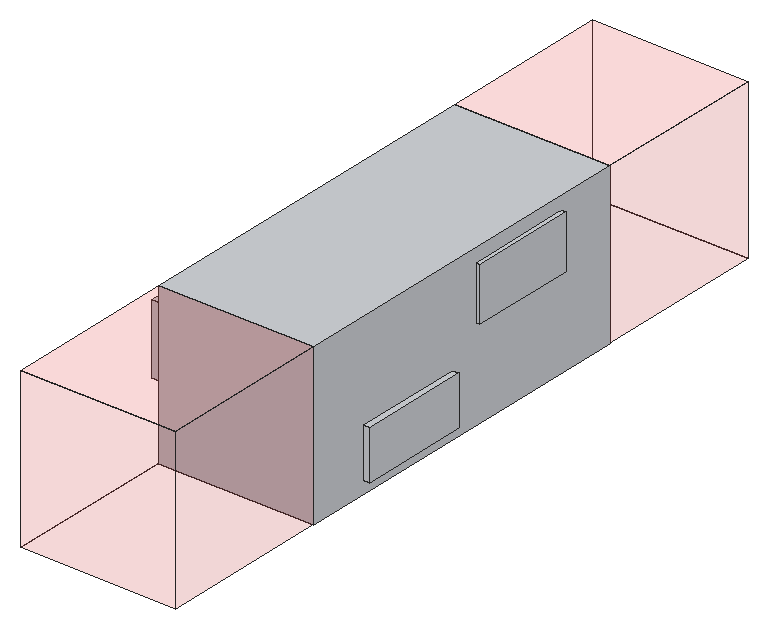
Revit family
Parameters (values of type "208 V Three Phase")
  Weight Scheduled [instance] = 2340
  Voltage Workaround = Voltage / 1 V  # 208
  Voltage Scheduled = Voltage  # 208 V
  Voltage = 208 V
  VoltAmps Workaround [instance] = Voltage Workaround * Total FLA * sqrt(Phase)  # 0
  VoltAmps [instance] = VoltAmps Workaround * 1 VA  # 0 VA
  VFD [instance] = no
  URL = "http://www.renewaire.com/products/commercial-products/indoor-models/le8xinv"
  Total FLA [instance] = if(or(Supply Motor BHP = 0, Exhaust Motor BHP = 0), 0, (Supply Motor FLA * Supply Motor Count) + (Exhaust Motor FLA * Exhaust Motor Count))  # 0
  Supply Motor RPM Scheduled [instance] = Supply Motor RPM  # 0
  Supply Motor RPM [instance] = if(and(or(Supply ESP = 0, Supply ESP > 0), Supply ESP < 0.25), if(Supply Motor HP = 3, if(Supply CFM > 8000 CFM, 0, if(Supply CFM > 7460 CFM, 837, if(Supply CFM > 6910 CFM, 796, if(Supply CFM > 6350 CFM, 755, if(Supply CFM > 5800 CFM, 714, if(Supply CFM > 5250 CFM, 673, 632)))))), if(Supply Motor HP = 5, if(Supply CFM > 8780 CFM, 0, if(Supply CFM > 8250 CFM, 898, if(Supply CFM > 7710 CFM, 857, if(Supply CFM > 7150 CFM, 815, 773)))), 0)), if(and(or(Supply ESP = 0.25, Supply ESP > 0.25), Supply ESP < 0.5), if(Supply Motor HP = 3, if(Supply CFM > 7130 CFM, 0, if(Supply CFM > 6530 CFM, 837, if(Supply CFM > 5910 CFM, 796, if(Supply CFM > 5290 CFM, 755, if(Supply CFM > 4680 CFM, 714, if(Supply CFM > 4120 CFM, 673, 632)))))), if(Supply Motor HP = 5, if(Supply CFM > 8800 CFM, 0, if(Supply CFM > 8570 CFM, 982, if(Supply CFM > 7990 CFM, 940, if(Supply CFM > 7420 CFM, 898, if(Supply CFM > 6810 CFM, 857, if(Supply CFM > 6180 CFM, 815, 773)))))), 0)), if(and(or(Supply ESP = 0.5, Supply ESP > 0.5), Supply ESP < 0.75), if(Supply Motor HP = 3, if(Supply CFM > 6140 CFM, 0, if(Supply CFM > 5450 CFM, 837, if(Supply CFM > 4750 CFM, 796, if(Supply CFM > 4050 CFM, 755, if(Supply CFM > 3400 CFM, 714, if(Supply CFM > 2840 CFM, 673, 632)))))), if(Supply Motor HP = 5, if(Supply CFM > 8390 CFM, 0, if(Supply CFM > 7760 CFM, 982, if(Supply CFM > 7120 CFM, 940, if(Supply CFM > 6470 CFM, 898, if(Supply CFM > 5780 CFM, 857, if(Supply CFM > 5060 CFM, 815, 773)))))), if(Supply Motor HP = 7.5, if(Supply CFM > 8660 CFM, 0, 1000), 0))), if(and(or(Supply ESP = 0.75, Supply ESP > 0.75), Supply ESP < 1), if(Supply Motor HP = 3, if(Supply CFM > 4970 CFM, 0, if(Supply CFM > 4140 CFM, 837, if(Supply CFM > 3300 CFM, 796, if(Supply CFM > 2500 CFM, 755, 714)))), if(Supply Motor HP = 5, if(Supply CFM > 7550 CFM, 0, if(Supply CFM > 6850 CFM, 982, if(Supply CFM > 6120 CFM, 940, if(Supply CFM > 5360 CFM, 898, if(Supply CFM > 4530 CFM, 857, if(Supply CFM > 3670 CFM, 815, 773)))))), if(Supply Motor HP = 7.5, if(Supply CFM > 8510 CFM, 0, if(Supply CFM > 7850 CFM, 1041, 1000)), 0))), if(and(or(Supply ESP = 1, Supply ESP > 1), Supply ESP < 1.25), if(Supply Motor HP = 3, if(Supply CFM > 3430 CFM, 0, if(Supply CFM > 2300 CFM, 837, 796)), if(Supply Motor HP = 5, if(Supply CFM > 6590 CFM, 0, if(Supply CFM > 5780 CFM, 982, if(Supply CFM > 4890 CFM, 940, if(Supply CFM > 3930 CFM, 898, if(Supply CFM > 2830 CFM, 857, if(Supply CFM > 1630 CFM, 815, 773)))))), if(Supply Motor HP = 7.5, if(Supply CFM > 8800 CFM, 0, if(Supply CFM > 8370 CFM, 1122, if(Supply CFM > 7660 CFM, 1082, if(Supply CFM > 6930 CFM, 1041, 1000)))), 0))), if(and(or(Supply ESP = 1.25, Supply ESP > 1.25), Supply ESP < 1.5), if(Supply Motor HP = 5, if(Supply CFM > 5440 CFM, 0, if(Supply CFM > 4420 CFM, 982, if(Supply CFM > 3180 CFM, 940, 898))), if(Supply Motor HP = 7.5, if(Supply CFM > 8800 CFM, 0, if(Supply CFM > 8240 CFM, 1163, if(Supply CFM > 7480 CFM, 1122, if(Supply CFM > 6690 CFM, 1082, if(Supply CFM > 5840 CFM, 1041, 1000))))), 0)), if(and(or(Supply ESP = 1.5, Supply ESP > 1.5), Supply ESP < 1.75), if(Supply Motor HP = 5, if(Supply CFM > 3890 CFM, 0, if(Supply CFM > 2120 CFM, 982, 940)), if(Supply Motor HP = 7.5, if(Supply CFM > 8140 CFM, 0, if(Supply CFM > 7310 CFM, 1163, if(Supply CFM > 6460 CFM, 1122, if(Supply CFM > 5520 CFM, 1082, if(Supply CFM > 4450 CFM, 1041, 1000))))), 0)), if(and(or(Supply ESP = 1.75, Supply ESP > 1.75), Supply ESP < 2), if(Supply Motor HP = 7.5, if(Supply CFM > 8070 CFM, 0, if(Supply CFM > 7160 CFM, 1204, if(Supply CFM > 6220 CFM, 1163, if(Supply CFM > 5210 CFM, 1122, if(Supply CFM > 3960 CFM, 1082, 1041))))), 0), if(Supply ESP = 2, if(Supply Motor HP = 7.5, if(Supply CFM > 7040 CFM, 0, if(Supply CFM > 6020 CFM, 1204, if(Supply CFM > 4870 CFM, 1163, if(Supply CFM > 3430 CFM, 1122, 1082)))), 0), 0)))))))))  # 0
  Supply Motor HP Scheduled [instance] = Supply Motor HP  # 0
  Supply Motor HP [instance] = 0
  Supply Motor FLA [instance] = if(VFD, if(Supply Motor BHP = 0, 0, if(Supply Motor HP = 3, if(and(or(Voltage = 208 V, Voltage = 230 V), Phase = 1), 9.38, if(and(or(Voltage = 208 V, Voltage = 230 V), Phase = 3), 9.38, if(and(Voltage = 460 V, Phase = 3), 4.24, if(and(Voltage = 575 V, Phase = 3), 3.3, 0)))), if(Supply Motor HP = 5, if(and(or(Voltage = 208 V, Voltage = 230 V), Phase = 3), 14.5, if(and(Voltage = 460 V, Phase = 3), 6.7, if(and(Voltage = 575 V, Phase = 3), 5.3, 0))), if(Supply Motor HP = 7.5, if(and(or(Voltage = 208 V, Voltage = 230 V), Phase = 3), 21, if(and(Voltage = 460 V, Phase = 3), 9.4, if(and(Voltage = 575 V, Phase = 3), 7.6, 0))), 0)))), if(Supply Motor BHP = 0, 0, if(Supply Motor HP = 3, if(and(or(Voltage = 208 V, Voltage = 230 V), Phase = 1), 14.7, if(and(or(Voltage = 208 V, Voltage = 230 V), Phase = 3), 9.38, if(and(Voltage = 460 V, Phase = 3), 4.24, if(and(Voltage = 575 V, Phase = 3), 3.3, 0)))), if(Supply Motor HP = 5, if(and(or(Voltage = 208 V, Voltage = 230 V), Phase = 3), 14.5, if(and(Voltage = 460 V, Phase = 3), 6.7, if(and(Voltage = 575 V, Phase = 3), 5.3, 0))), if(Supply Motor HP = 7.5, if(and(or(Voltage = 208 V, Voltage = 230 V), Phase = 3), 21, if(and(Voltage = 460 V, Phase = 3), 9.4, if(and(Voltage = 575 V, Phase = 3), 7.6, 0))), 0)))))  # 0
  Supply Motor Count Scheduled [instance] = Supply Motor Count  # 1
  Supply Motor Count [instance] = 1  # constant formula
  Supply Motor BHP [instance] = if(and(or(Supply ESP = 0, Supply ESP > 0), Supply ESP < 0.25), if(Supply Motor HP = 3, if(Supply CFM > 8000 CFM, 0, if(Supply CFM > 7460 CFM, 3.4, if(Supply CFM > 6910 CFM, 3, if(Supply CFM > 6350 CFM, 2.5, if(Supply CFM > 5800 CFM, 2.2, if(Supply CFM > 5250 CFM, 1.8, 1.5)))))), if(Supply Motor HP = 5, if(Supply CFM > 8780 CFM, 0, if(Supply CFM > 8250 CFM, 4.3, if(Supply CFM > 7710 CFM, 3.7, if(Supply CFM > 7150 CFM, 3.2, 2.7)))), 0)), if(and(or(Supply ESP = 0.25, Supply ESP > 0.25), Supply ESP < 0.5), if(Supply Motor HP = 3, if(Supply CFM > 7130 CFM, 0, if(Supply CFM > 6530 CFM, 3.2, if(Supply CFM > 5910 CFM, 2.7, if(Supply CFM > 5290 CFM, 2.3, if(Supply CFM > 4680 CFM, 1.9, if(Supply CFM > 4120 CFM, 1.6, 1.3)))))), if(Supply Motor HP = 5, if(Supply CFM > 8800 CFM, 0, if(Supply CFM > 8570 CFM, 5, if(Supply CFM > 7990 CFM, 4.6, if(Supply CFM > 7420 CFM, 4, if(Supply CFM > 6810 CFM, 3.4, if(Supply CFM > 6180 CFM, 2.9, 2.4)))))), 0)), if(and(or(Supply ESP = 0.5, Supply ESP > 0.5), Supply ESP < 0.75), if(Supply Motor HP = 3, if(Supply CFM > 6140 CFM, 0, if(Supply CFM > 5450 CFM, 2.8, if(Supply CFM > 4750 CFM, 2.4, if(Supply CFM > 4050 CFM, 1.9, if(Supply CFM > 3400 CFM, 1.6, if(Supply CFM > 2840 CFM, 1.3, 1)))))), if(Supply Motor HP = 5, if(Supply CFM > 8390 CFM, 0, if(Supply CFM > 7760 CFM, 5, if(Supply CFM > 7120 CFM, 4.3, if(Supply CFM > 6470 CFM, 3.6, if(Supply CFM > 5780 CFM, 3.1, if(Supply CFM > 5060 CFM, 2.6, 2.1)))))), if(Supply Motor HP = 7.5, if(Supply CFM > 8660 CFM, 0, 5.3), 0))), if(and(or(Supply ESP = 0.75, Supply ESP > 0.75), Supply ESP < 1), if(Supply Motor HP = 3, if(Supply CFM > 4970 CFM, 0, if(Supply CFM > 4140 CFM, 2.4, if(Supply CFM > 3300 CFM, 2, if(Supply CFM > 2500 CFM, 1.5, 1.2)))), if(Supply Motor HP = 5, if(Supply CFM > 7550 CFM, 0, if(Supply CFM > 6850 CFM, 4.6, if(Supply CFM > 6120 CFM, 3.9, if(Supply CFM > 5360 CFM, 3.2, if(Supply CFM > 4530 CFM, 2.7, if(Supply CFM > 3670 CFM, 2.2, 1.7)))))), if(Supply Motor HP = 7.5, if(Supply CFM > 8510 CFM, 0, if(Supply CFM > 7850 CFM, 5.7, 4.9)), 0))), if(and(or(Supply ESP = 1, Supply ESP > 1), Supply ESP < 1.25), if(Supply Motor HP = 3, if(Supply CFM > 3430 CFM, 0, if(Supply CFM > 2300 CFM, 1.9, 1.4)), if(Supply Motor HP = 5, if(Supply CFM > 6590 CFM, 0, if(Supply CFM > 5780 CFM, 4.1, if(Supply CFM > 4890 CFM, 3.4, if(Supply CFM > 3930 CFM, 2.8, if(Supply CFM > 2830 CFM, 2.2, if(Supply CFM > 1630 CFM, 1.6, 1.1)))))), if(Supply Motor HP = 7.5, if(Supply CFM > 8800 CFM, 0, if(Supply CFM > 8370 CFM, 7.1, if(Supply CFM > 7660 CFM, 6.1, if(Supply CFM > 6930 CFM, 5.2, 4.4)))), 0))), if(and(or(Supply ESP = 1.25, Supply ESP > 1.25), Supply ESP < 1.5), if(Supply Motor HP = 5, if(Supply CFM > 5440 CFM, 0, if(Supply CFM > 4420 CFM, 3.6, if(Supply CFM > 3180 CFM, 2.8, 2.1))), if(Supply Motor HP = 7.5, if(Supply CFM > 8800 CFM, 0, if(Supply CFM > 8240 CFM, 7.6, if(Supply CFM > 7480 CFM, 6.5, if(Supply CFM > 6690 CFM, 5.6, if(Supply CFM > 5840 CFM, 4.7, 3.9))))), 0)), if(and(or(Supply ESP = 1.5, Supply ESP > 1.5), Supply ESP < 1.75), if(Supply Motor HP = 5, if(Supply CFM > 3890 CFM, 0, if(Supply CFM > 2120 CFM, 2.8, 1.8)), if(Supply Motor HP = 7.5, if(Supply CFM > 8140 CFM, 0, if(Supply CFM > 7310 CFM, 7, if(Supply CFM > 6460 CFM, 5.9, if(Supply CFM > 5520 CFM, 5, if(Supply CFM > 4450 CFM, 4.1, 3.2))))), 0)), if(and(or(Supply ESP = 1.75, Supply ESP > 1.75), Supply ESP < 2), if(Supply Motor HP = 7.5, if(Supply CFM > 8070 CFM, 0, if(Supply CFM > 7160 CFM, 7.5, if(Supply CFM > 6220 CFM, 6.3, if(Supply CFM > 5210 CFM, 5.2, if(Supply CFM > 3960 CFM, 4.2, 3.2))))), 0), if(Supply ESP = 2, if(Supply Motor HP = 7.5, if(Supply CFM > 7040 CFM, 0, if(Supply CFM > 6020 CFM, 6.7, if(Supply CFM > 4870 CFM, 5.5, if(Supply CFM > 3430 CFM, 4.3, 3.2)))), 0), 0)))))))))  # 0
  Supply ESP Scheduled [instance] = Supply ESP  # 0
  Supply ESP [instance] = 0
  Supply CFM Scheduled [instance] = Supply CFM  # 0 CFM
  Supply CFM [instance] = 0 CFM
  Supply Air Winter RH Scheduled [instance] = 0
  Supply Air Winter DB Scheduled [instance] = 0
  Supply Air Summer RH Scheduled [instance] = 0
  Supply Air Summer DB Scheduled [instance] = 0
  Phase Scheduled = Phase  # 3
  Phase = 3
  Outside Air Winter RH Scheduled [instance] = 0
  Outside Air Winter DB Scheduled [instance] = 0
  Outside Air Summer RH Scheduled [instance] = 0
  Outside Air Summer DB Scheduled [instance] = 0
  Number of Poles = 3
  Model = "LE8XINV"
  Manufacturer = "RenewAire"
  MOCP Scheduled [instance] = MOCP  # 0
  MOCP [instance] = if(Total FLA = 0, 0, if(VFD, if(and(or(Voltage = 208 V, Voltage = 230 V), Phase = 1), if(and(Supply Motor HP = 3, Exhaust Motor HP = 3), 45, 0), if(and(or(Voltage = 208 V, Voltage = 230 V), Phase = 3), if(and(Supply Motor HP = 3, Exhaust Motor HP = 3), 25, if(and(Supply Motor HP = 3, Exhaust Motor HP = 5), 40, if(and(Supply Motor HP = 3, Exhaust Motor HP = 7.5), 50, if(and(Supply Motor HP = 5, Exhaust Motor HP = 3), 40, if(and(Supply Motor HP = 5, Exhaust Motor HP = 5), 45, if(and(Supply Motor HP = 5, Exhaust Motor HP = 7.5), 60, if(and(Supply Motor HP = 7.5, Exhaust Motor HP = 3), 50, if(and(Supply Motor HP = 7.5, Exhaust Motor HP = 5), 60, if(and(Supply Motor HP = 7.5, Exhaust Motor HP = 7.5), 60, 0))))))))), if(and(Voltage = 460 V, Phase = 3), if(and(Supply Motor HP = 3, Exhaust Motor HP = 3), 15, if(and(Supply Motor HP = 3, Exhaust Motor HP = 5), 15, if(and(Supply Motor HP = 3, Exhaust Motor HP = 7.5), 20, if(and(Supply Motor HP = 5, Exhaust Motor HP = 3), 15, if(and(Supply Motor HP = 5, Exhaust Motor HP = 5), 20, if(and(Supply Motor HP = 5, Exhaust Motor HP = 7.5), 25, if(and(Supply Motor HP = 7.5, Exhaust Motor HP = 3), 20, if(and(Supply Motor HP = 7.5, Exhaust Motor HP = 5), 25, if(and(Supply Motor HP = 7.5, Exhaust Motor HP = 7.5), 30, 0))))))))), if(and(Voltage = 575 V, Phase = 3), if(and(Supply Motor HP = 3, Exhaust Motor HP = 3), 15, if(and(Supply Motor HP = 3, Exhaust Motor HP = 5), 15, if(and(Supply Motor HP = 3, Exhaust Motor HP = 7.5), 20, if(and(Supply Motor HP = 5, Exhaust Motor HP = 3), 15, if(and(Supply Motor HP = 5, Exhaust Motor HP = 5), 15, if(and(Supply Motor HP = 5, Exhaust Motor HP = 7.5), 20, if(and(Supply Motor HP = 7.5, Exhaust Motor HP = 3), 20, if(and(Supply Motor HP = 7.5, Exhaust Motor HP = 5), 20, if(and(Supply Motor HP = 7.5, Exhaust Motor HP = 7.5), 20, 0))))))))), 0)))), if(and(or(Voltage = 208 V, Voltage = 230 V), Phase = 1), if(and(Supply Motor HP = 3, Exhaust Motor HP = 3), 40, 0), if(and(or(Voltage = 208 V, Voltage = 230 V), Phase = 3), if(and(Supply Motor HP = 3, Exhaust Motor HP = 3), 25, if(and(Supply Motor HP = 3, Exhaust Motor HP = 5), 40, if(and(Supply Motor HP = 3, Exhaust Motor HP = 7.5), 50, if(and(Supply Motor HP = 5, Exhaust Motor HP = 3), 40, if(and(Supply Motor HP = 5, Exhaust Motor HP = 5), 45, if(and(Supply Motor HP = 5, Exhaust Motor HP = 7.5), 60, if(and(Supply Motor HP = 7.5, Exhaust Motor HP = 3), 50, if(and(Supply Motor HP = 7.5, Exhaust Motor HP = 5), 60, if(and(Supply Motor HP = 7.5, Exhaust Motor HP = 7.5), 60, 0))))))))), if(and(Voltage = 460 V, Phase = 3), if(and(Supply Motor HP = 3, Exhaust Motor HP = 3), 15, if(and(Supply Motor HP = 3, Exhaust Motor HP = 5), 15, if(and(Supply Motor HP = 3, Exhaust Motor HP = 7.5), 20, if(and(Supply Motor HP = 5, Exhaust Motor HP = 3), 15, if(and(Supply Motor HP = 5, Exhaust Motor HP = 5), 20, if(and(Supply Motor HP = 5, Exhaust Motor HP = 7.5), 25, if(and(Supply Motor HP = 7.5, Exhaust Motor HP = 3), 20, if(and(Supply Motor HP = 7.5, Exhaust Motor HP = 5), 25, if(and(Supply Motor HP = 7.5, Exhaust Motor HP = 7.5), 30, 0))))))))), if(and(Voltage = 575 V, Phase = 3), if(and(Supply Motor HP = 3, Exhaust Motor HP = 3), 15, if(and(Supply Motor HP = 3, Exhaust Motor HP = 5), 15, if(and(Supply Motor HP = 3, Exhaust Motor HP = 7.5), 20, if(and(Supply Motor HP = 5, Exhaust Motor HP = 3), 15, if(and(Supply Motor HP = 5, Exhaust Motor HP = 5), 15, if(and(Supply Motor HP = 5, Exhaust Motor HP = 7.5), 20, if(and(Supply Motor HP = 7.5, Exhaust Motor HP = 3), 20, if(and(Supply Motor HP = 7.5, Exhaust Motor HP = 5), 20, if(and(Supply Motor HP = 7.5, Exhaust Motor HP = 7.5), 20, 0))))))))), 0))))))  # 0
  MCA Scheduled [instance] = MCA  # 0
  MCA [instance] = if(Total FLA = 0, 0, if(VFD, if(and(or(Voltage = 208 V, Voltage = 230 V), Phase = 1), if(and(Supply Motor HP = 3, Exhaust Motor HP = 3), 40.2, 0), if(and(or(Voltage = 208 V, Voltage = 230 V), Phase = 3), if(and(Supply Motor HP = 3, Exhaust Motor HP = 3), 23.2, if(and(Supply Motor HP = 3, Exhaust Motor HP = 5), 30.3, if(and(Supply Motor HP = 3, Exhaust Motor HP = 7.5), 36.2, if(and(Supply Motor HP = 5, Exhaust Motor HP = 3), 30.3, if(and(Supply Motor HP = 5, Exhaust Motor HP = 5), 35.9, if(and(Supply Motor HP = 5, Exhaust Motor HP = 7.5), 44.8, if(and(Supply Motor HP = 7.5, Exhaust Motor HP = 3), 39.2, if(and(Supply Motor HP = 7.5, Exhaust Motor HP = 5), 44.8, if(and(Supply Motor HP = 7.5, Exhaust Motor HP = 7.5), 52, 0))))))))), if(and(Voltage = 460 V, Phase = 3), if(and(Supply Motor HP = 3, Exhaust Motor HP = 3), 10.5, if(and(Supply Motor HP = 3, Exhaust Motor HP = 5), 13.9, if(and(Supply Motor HP = 3, Exhaust Motor HP = 7.5), 17.6, if(and(Supply Motor HP = 5, Exhaust Motor HP = 3), 13.9, if(and(Supply Motor HP = 5, Exhaust Motor HP = 5), 16.6, if(and(Supply Motor HP = 5, Exhaust Motor HP = 7.5), 20.3, if(and(Supply Motor HP = 7.5, Exhaust Motor HP = 3), 17.6, if(and(Supply Motor HP = 7.5, Exhaust Motor HP = 5), 20.3, if(and(Supply Motor HP = 7.5, Exhaust Motor HP = 7.5), 23.3, 0))))))))), if(and(Voltage = 575 V, Phase = 3), if(and(Supply Motor HP = 3, Exhaust Motor HP = 3), 8.2, if(and(Supply Motor HP = 3, Exhaust Motor HP = 5), 10.9, if(and(Supply Motor HP = 3, Exhaust Motor HP = 7.5), 14.1, if(and(Supply Motor HP = 5, Exhaust Motor HP = 3), 10.9, if(and(Supply Motor HP = 5, Exhaust Motor HP = 5), 13.1, if(and(Supply Motor HP = 5, Exhaust Motor HP = 7.5), 16.3, if(and(Supply Motor HP = 7.5, Exhaust Motor HP = 3), 14.1, if(and(Supply Motor HP = 7.5, Exhaust Motor HP = 5), 16.3, if(and(Supply Motor HP = 7.5, Exhaust Motor HP = 7.5), 18.8, 0))))))))), 0)))), if(and(or(Voltage = 208 V, Voltage = 230 V), Phase = 1), if(and(Supply Motor HP = 3, Exhaust Motor HP = 3), 33.1, 0), if(and(or(Voltage = 208 V, Voltage = 230 V), Phase = 3), if(and(Supply Motor HP = 3, Exhaust Motor HP = 3), 21.1, if(and(Supply Motor HP = 3, Exhaust Motor HP = 5), 27.5, if(and(Supply Motor HP = 3, Exhaust Motor HP = 7.5), 35.6, if(and(Supply Motor HP = 5, Exhaust Motor HP = 3), 27.5, if(and(Supply Motor HP = 5, Exhaust Motor HP = 5), 32.6, if(and(Supply Motor HP = 5, Exhaust Motor HP = 7.5), 40.8, if(and(Supply Motor HP = 7.5, Exhaust Motor HP = 3), 35.6, if(and(Supply Motor HP = 7.5, Exhaust Motor HP = 5), 40.8, if(and(Supply Motor HP = 7.5, Exhaust Motor HP = 7.5), 47.3, 0))))))))), if(and(Voltage = 460 V, Phase = 3), if(and(Supply Motor HP = 3, Exhaust Motor HP = 3), 9.5, if(and(Supply Motor HP = 3, Exhaust Motor HP = 5), 12.6, if(and(Supply Motor HP = 3, Exhaust Motor HP = 7.5), 16, if(and(Supply Motor HP = 5, Exhaust Motor HP = 3), 12.6, if(and(Supply Motor HP = 5, Exhaust Motor HP = 5), 15.1, if(and(Supply Motor HP = 5, Exhaust Motor HP = 7.5), 18.5, if(and(Supply Motor HP = 7.5, Exhaust Motor HP = 3), 16, if(and(Supply Motor HP = 7.5, Exhaust Motor HP = 5), 18.5, if(and(Supply Motor HP = 7.5, Exhaust Motor HP = 7.5), 21.2, 0))))))))), if(and(Voltage = 575 V, Phase = 3), if(and(Supply Motor HP = 3, Exhaust Motor HP = 3), 7.4, if(and(Supply Motor HP = 3, Exhaust Motor HP = 5), 9.9, if(and(Supply Motor HP = 3, Exhaust Motor HP = 7.5), 12.8, if(and(Supply Motor HP = 5, Exhaust Motor HP = 3), 9.9, if(and(Supply Motor HP = 5, Exhaust Motor HP = 5), 11.9, if(and(Supply Motor HP = 5, Exhaust Motor HP = 7.5), 14.8, if(and(Supply Motor HP = 7.5, Exhaust Motor HP = 3), 12.8, if(and(Supply Motor HP = 7.5, Exhaust Motor HP = 5), 14.8, if(and(Supply Motor HP = 7.5, Exhaust Motor HP = 7.5), 17.1, 0))))))))), 0))))))  # 0
  FLA Scheduled [instance] = Total FLA  # 0
  Exhaust RH Scheduled [instance] = 0
  Exhaust Motor RPM Scheduled [instance] = Exhaust Motor RPM  # 0
  Exhaust Motor RPM [instance] = if(and(or(Exhaust ESP = 0, Exhaust ESP > 0), Exhaust ESP < 0.25), if(Exhaust Motor HP = 3, if(Exhaust CFM > 8000 CFM, 0, if(Exhaust CFM > 7460 CFM, 837, if(Exhaust CFM > 6910 CFM, 796, if(Exhaust CFM > 6350 CFM, 755, if(Exhaust CFM > 5800 CFM, 714, if(Exhaust CFM > 5250 CFM, 673, 632)))))), if(Exhaust Motor HP = 5, if(Exhaust CFM > 8780 CFM, 0, if(Exhaust CFM > 8250 CFM, 898, if(Exhaust CFM > 7710 CFM, 857, if(Exhaust CFM > 7150 CFM, 815, 773)))), 0)), if(and(or(Exhaust ESP = 0.25, Exhaust ESP > 0.25), Exhaust ESP < 0.5), if(Exhaust Motor HP = 3, if(Exhaust CFM > 7130 CFM, 0, if(Exhaust CFM > 6530 CFM, 837, if(Exhaust CFM > 5910 CFM, 796, if(Exhaust CFM > 5290 CFM, 755, if(Exhaust CFM > 4680 CFM, 714, if(Exhaust CFM > 4120 CFM, 673, 632)))))), if(Exhaust Motor HP = 5, if(Exhaust CFM > 8800 CFM, 0, if(Exhaust CFM > 8570 CFM, 982, if(Exhaust CFM > 7990 CFM, 940, if(Exhaust CFM > 7420 CFM, 898, if(Exhaust CFM > 6810 CFM, 857, if(Exhaust CFM > 6180 CFM, 815, 773)))))), 0)), if(and(or(Exhaust ESP = 0.5, Exhaust ESP > 0.5), Exhaust ESP < 0.75), if(Exhaust Motor HP = 3, if(Exhaust CFM > 6140 CFM, 0, if(Exhaust CFM > 5450 CFM, 837, if(Exhaust CFM > 4750 CFM, 796, if(Exhaust CFM > 4050 CFM, 755, if(Exhaust CFM > 3400 CFM, 714, if(Exhaust CFM > 2840 CFM, 673, 632)))))), if(Exhaust Motor HP = 5, if(Exhaust CFM > 8390 CFM, 0, if(Exhaust CFM > 7760 CFM, 982, if(Exhaust CFM > 7120 CFM, 940, if(Exhaust CFM > 6470 CFM, 898, if(Exhaust CFM > 5780 CFM, 857, if(Exhaust CFM > 5060 CFM, 815, 773)))))), if(Exhaust Motor HP = 7.5, if(Exhaust CFM > 8660 CFM, 0, 1000), 0))), if(and(or(Exhaust ESP = 0.75, Exhaust ESP > 0.75), Exhaust ESP < 1), if(Exhaust Motor HP = 3, if(Exhaust CFM > 4970 CFM, 0, if(Exhaust CFM > 4140 CFM, 837, if(Exhaust CFM > 3300 CFM, 796, if(Exhaust CFM > 2500 CFM, 755, 714)))), if(Exhaust Motor HP = 5, if(Exhaust CFM > 7550 CFM, 0, if(Exhaust CFM > 6850 CFM, 982, if(Exhaust CFM > 6120 CFM, 940, if(Exhaust CFM > 5360 CFM, 898, if(Exhaust CFM > 4530 CFM, 857, if(Exhaust CFM > 3670 CFM, 815, 773)))))), if(Exhaust Motor HP = 7.5, if(Exhaust CFM > 8510 CFM, 0, if(Exhaust CFM > 7850 CFM, 1041, 1000)), 0))), if(and(or(Exhaust ESP = 1, Exhaust ESP > 1), Exhaust ESP < 1.25), if(Exhaust Motor HP = 3, if(Exhaust CFM > 3430 CFM, 0, if(Exhaust CFM > 2300 CFM, 837, 796)), if(Exhaust Motor HP = 5, if(Exhaust CFM > 6590 CFM, 0, if(Exhaust CFM > 5780 CFM, 982, if(Exhaust CFM > 4890 CFM, 940, if(Exhaust CFM > 3930 CFM, 898, if(Exhaust CFM > 2830 CFM, 857, if(Exhaust CFM > 1630 CFM, 815, 773)))))), if(Exhaust Motor HP = 7.5, if(Exhaust CFM > 8800 CFM, 0, if(Exhaust CFM > 8370 CFM, 1122, if(Exhaust CFM > 7660 CFM, 1082, if(Exhaust CFM > 6930 CFM, 1041, 1000)))), 0))), if(and(or(Exhaust ESP = 1.25, Exhaust ESP > 1.25), Exhaust ESP < 1.5), if(Exhaust Motor HP = 5, if(Exhaust CFM > 5440 CFM, 0, if(Exhaust CFM > 4420 CFM, 982, if(Exhaust CFM > 3180 CFM, 940, 898))), if(Exhaust Motor HP = 7.5, if(Exhaust CFM > 8800 CFM, 0, if(Exhaust CFM > 8240 CFM, 1163, if(Exhaust CFM > 7480 CFM, 1122, if(Exhaust CFM > 6690 CFM, 1082, if(Exhaust CFM > 5840 CFM, 1041, 1000))))), 0)), if(and(or(Exhaust ESP = 1.5, Exhaust ESP > 1.5), Exhaust ESP < 1.75), if(Exhaust Motor HP = 5, if(Exhaust CFM > 3890 CFM, 0, if(Exhaust CFM > 2120 CFM, 982, 940)), if(Exhaust Motor HP = 7.5, if(Exhaust CFM > 8140 CFM, 0, if(Exhaust CFM > 7310 CFM, 1163, if(Exhaust CFM > 6460 CFM, 1122, if(Exhaust CFM > 5520 CFM, 1082, if(Exhaust CFM > 4450 CFM, 1041, 1000))))), 0)), if(and(or(Exhaust ESP = 1.75, Exhaust ESP > 1.75), Exhaust ESP < 2), if(Exhaust Motor HP = 7.5, if(Exhaust CFM > 8070 CFM, 0, if(Exhaust CFM > 7160 CFM, 1204, if(Exhaust CFM > 6220 CFM, 1163, if(Exhaust CFM > 5210 CFM, 1122, if(Exhaust CFM > 3960 CFM, 1082, 1041))))), 0), if(Exhaust ESP = 2, if(Exhaust Motor HP = 7.5, if(Exhaust CFM > 7040 CFM, 0, if(Exhaust CFM > 6020 CFM, 1204, if(Exhaust CFM > 4870 CFM, 1163, if(Exhaust CFM > 3430 CFM, 1122, 1082)))), 0), 0)))))))))  # 0
  Exhaust Motor HP Scheduled [instance] = Exhaust Motor HP  # 0
  Exhaust Motor HP [instance] = 0
  Exhaust Motor FLA [instance] = if(VFD, if(Exhaust Motor BHP = 0, 0, if(Exhaust Motor HP = 3, if(and(or(Voltage = 208 V, Voltage = 230 V), Phase = 1), 9.38, if(and(or(Voltage = 208 V, Voltage = 230 V), Phase = 3), 9.38, if(and(Voltage = 460 V, Phase = 3), 4.24, if(and(Voltage = 575 V, Phase = 3), 3.3, 0)))), if(Exhaust Motor HP = 5, if(and(or(Voltage = 208 V, Voltage = 230 V), Phase = 3), 14.5, if(and(Voltage = 460 V, Phase = 3), 6.7, if(and(Voltage = 575 V, Phase = 3), 5.3, 0))), if(Exhaust Motor HP = 7.5, if(and(or(Voltage = 208 V, Voltage = 230 V), Phase = 3), 21, if(and(Voltage = 460 V, Phase = 3), 9.4, if(and(Voltage = 575 V, Phase = 3), 7.6, 0))), 0)))), if(Exhaust Motor BHP = 0, 0, if(Exhaust Motor HP = 3, if(and(or(Voltage = 208 V, Voltage = 230 V), Phase = 1), 14.7, if(and(or(Voltage = 208 V, Voltage = 230 V), Phase = 3), 9.38, if(and(Voltage = 460 V, Phase = 3), 4.24, if(and(Voltage = 575 V, Phase = 3), 3.3, 0)))), if(Exhaust Motor HP = 5, if(and(or(Voltage = 208 V, Voltage = 230 V), Phase = 3), 14.5, if(and(Voltage = 460 V, Phase = 3), 6.7, if(and(Voltage = 575 V, Phase = 3), 5.3, 0))), if(Exhaust Motor HP = 7.5, if(and(or(Voltage = 208 V, Voltage = 230 V), Phase = 3), 21, if(and(Voltage = 460 V, Phase = 3), 9.4, if(and(Voltage = 575 V, Phase = 3), 7.6, 0))), 0)))))  # 0
  Exhaust Motor Count Scheduled [instance] = Exhaust Motor Count  # 1
  Exhaust Motor Count [instance] = 1  # constant formula
  Exhaust Motor BHP [instance] = if(and(or(Exhaust ESP = 0, Exhaust ESP > 0), Exhaust ESP < 0.25), if(Exhaust Motor HP = 3, if(Exhaust CFM > 8000 CFM, 0, if(Exhaust CFM > 7460 CFM, 3.4, if(Exhaust CFM > 6910 CFM, 3, if(Exhaust CFM > 6350 CFM, 2.5, if(Exhaust CFM > 5800 CFM, 2.2, if(Exhaust CFM > 5250 CFM, 1.8, 1.5)))))), if(Exhaust Motor HP = 5, if(Exhaust CFM > 8780 CFM, 0, if(Exhaust CFM > 8250 CFM, 4.3, if(Exhaust CFM > 7710 CFM, 3.7, if(Exhaust CFM > 7150 CFM, 3.2, 2.7)))), 0)), if(and(or(Exhaust ESP = 0.25, Exhaust ESP > 0.25), Exhaust ESP < 0.5), if(Exhaust Motor HP = 3, if(Exhaust CFM > 7130 CFM, 0, if(Exhaust CFM > 6530 CFM, 3.2, if(Exhaust CFM > 5910 CFM, 2.7, if(Exhaust CFM > 5290 CFM, 2.3, if(Exhaust CFM > 4680 CFM, 1.9, if(Exhaust CFM > 4120 CFM, 1.6, 1.3)))))), if(Exhaust Motor HP = 5, if(Exhaust CFM > 8800 CFM, 0, if(Exhaust CFM > 8570 CFM, 5, if(Exhaust CFM > 7990 CFM, 4.6, if(Exhaust CFM > 7420 CFM, 4, if(Exhaust CFM > 6810 CFM, 3.4, if(Exhaust CFM > 6180 CFM, 2.9, 2.4)))))), 0)), if(and(or(Exhaust ESP = 0.5, Exhaust ESP > 0.5), Exhaust ESP < 0.75), if(Exhaust Motor HP = 3, if(Exhaust CFM > 6140 CFM, 0, if(Exhaust CFM > 5450 CFM, 2.8, if(Exhaust CFM > 4750 CFM, 2.4, if(Exhaust CFM > 4050 CFM, 1.9, if(Exhaust CFM > 3400 CFM, 1.6, if(Exhaust CFM > 2840 CFM, 1.3, 1)))))), if(Exhaust Motor HP = 5, if(Exhaust CFM > 8390 CFM, 0, if(Exhaust CFM > 7760 CFM, 5, if(Exhaust CFM > 7120 CFM, 4.3, if(Exhaust CFM > 6470 CFM, 3.6, if(Exhaust CFM > 5780 CFM, 3.1, if(Exhaust CFM > 5060 CFM, 2.6, 2.1)))))), if(Exhaust Motor HP = 7.5, if(Exhaust CFM > 8660 CFM, 0, 5.3), 0))), if(and(or(Exhaust ESP = 0.75, Exhaust ESP > 0.75), Exhaust ESP < 1), if(Exhaust Motor HP = 3, if(Exhaust CFM > 4970 CFM, 0, if(Exhaust CFM > 4140 CFM, 2.4, if(Exhaust CFM > 3300 CFM, 2, if(Exhaust CFM > 2500 CFM, 1.5, 1.2)))), if(Exhaust Motor HP = 5, if(Exhaust CFM > 7550 CFM, 0, if(Exhaust CFM > 6850 CFM, 4.6, if(Exhaust CFM > 6120 CFM, 3.9, if(Exhaust CFM > 5360 CFM, 3.2, if(Exhaust CFM > 4530 CFM, 2.7, if(Exhaust CFM > 3670 CFM, 2.2, 1.7)))))), if(Exhaust Motor HP = 7.5, if(Exhaust CFM > 8510 CFM, 0, if(Exhaust CFM > 7850 CFM, 5.7, 4.9)), 0))), if(and(or(Exhaust ESP = 1, Exhaust ESP > 1), Exhaust ESP < 1.25), if(Exhaust Motor HP = 3, if(Exhaust CFM > 3430 CFM, 0, if(Exhaust CFM > 2300 CFM, 1.9, 1.4)), if(Exhaust Motor HP = 5, if(Exhaust CFM > 6590 CFM, 0, if(Exhaust CFM > 5780 CFM, 4.1, if(Exhaust CFM > 4890 CFM, 3.4, if(Exhaust CFM > 3930 CFM, 2.8, if(Exhaust CFM > 2830 CFM, 2.2, if(Exhaust CFM > 1630 CFM, 1.6, 1.1)))))), if(Exhaust Motor HP = 7.5, if(Exhaust CFM > 8800 CFM, 0, if(Exhaust CFM > 8370 CFM, 7.1, if(Exhaust CFM > 7660 CFM, 6.1, if(Exhaust CFM > 6930 CFM, 5.2, 4.4)))), 0))), if(and(or(Exhaust ESP = 1.25, Exhaust ESP > 1.25), Exhaust ESP < 1.5), if(Exhaust Motor HP = 5, if(Exhaust CFM > 5440 CFM, 0, if(Exhaust CFM > 4420 CFM, 3.6, if(Exhaust CFM > 3180 CFM, 2.8, 2.1))), if(Exhaust Motor HP = 7.5, if(Exhaust CFM > 8800 CFM, 0, if(Exhaust CFM > 8240 CFM, 7.6, if(Exhaust CFM > 7480 CFM, 6.5, if(Exhaust CFM > 6690 CFM, 5.6, if(Exhaust CFM > 5840 CFM, 4.7, 3.9))))), 0)), if(and(or(Exhaust ESP = 1.5, Exhaust ESP > 1.5), Exhaust ESP < 1.75), if(Exhaust Motor HP = 5, if(Exhaust CFM > 3890 CFM, 0, if(Exhaust CFM > 2120 CFM, 2.8, 1.8)), if(Exhaust Motor HP = 7.5, if(Exhaust CFM > 8140 CFM, 0, if(Exhaust CFM > 7310 CFM, 7, if(Exhaust CFM > 6460 CFM, 5.9, if(Exhaust CFM > 5520 CFM, 5, if(Exhaust CFM > 4450 CFM, 4.1, 3.2))))), 0)), if(and(or(Exhaust ESP = 1.75, Exhaust ESP > 1.75), Exhaust ESP < 2), if(Exhaust Motor HP = 7.5, if(Exhaust CFM > 8070 CFM, 0, if(Exhaust CFM > 7160 CFM, 7.5, if(Exhaust CFM > 6220 CFM, 6.3, if(Exhaust CFM > 5210 CFM, 5.2, if(Exhaust CFM > 3960 CFM, 4.2, 3.2))))), 0), if(Exhaust ESP = 2, if(Exhaust Motor HP = 7.5, if(Exhaust CFM > 7040 CFM, 0, if(Exhaust CFM > 6020 CFM, 6.7, if(Exhaust CFM > 4870 CFM, 5.5, if(Exhaust CFM > 3430 CFM, 4.3, 3.2)))), 0), 0)))))))))  # 0
  Exhaust ESP Scheduled [instance] = Exhaust ESP  # 0
  Exhaust ESP [instance] = 0
  Exhaust DB Scheduled [instance] = 0
  Exhaust CFM Scheduled [instance] = Exhaust CFM  # 0 CFM
  Exhaust CFM [instance] = 0 CFM
  Enthalpy Effect Winter Scheduled [instance] = 0
  Enthalpy Effect Summer Scheduled [instance] = 0
Types (5): name | Voltage Workaround | Voltage Scheduled | Voltage | VFD
  (no name) | 208 | 208 V | 208 V | no
  208 V Three Phase | 208 | 208 V | 208 V | no
  230 V Three Phase | 230 | 230 V | 230 V | yes
  460 V Three Phase | 460 | 460 V | 460 V | yes
  575 V Three Phase | 575 | 575 V | 575 V | yes
Reference planes (in)
  plane 1 "Center (Front/Back)": y = 0
  plane 2: z = 0
  plane 3 "Center (Left/Right)": x = 0
Forms (in)
  Extrusion 1, solid
    sketch origin (0, 0, 0) x (1, 0, 0) y (0, 1, 0)
      loop
        line (-34.875, 82.75) -> (-34.875, -82.75) -> (34.875, -82.75) -> (34.875, 82.75) -> (-34.875, 82.75)
    from 0 to 71.125
  Extrusion 2, solid
    sketch origin (34.875, 21.16889, 0) x (0, -1, 0) y (0, 0, -1)
      loop
        line (13.79389, -65.5) -> (13.79389, -41.5) -> (-34.20611, -41.5) -> (-34.20611, -65.5) -> (13.79389, -65.5)
    from 0 to 2
  Extrusion 3, solid
    sketch origin (-34.875, 24.57472, 0) x (0, 1, 0) y (0, 0, -1)
      loop
        line (30.42528, -65.5) -> (30.42528, -41.5) -> (-17.57472, -41.5) -> (-17.57472, -65.5) -> (30.42528, -65.5)
    from 0 to 1
  Extrusion 4, solid
    sketch origin (0, 178.875, 0) x (1, 0, 0) y (0, 1, 0)
      loop
        line (-34.875, -18.875) -> (-34.875, -96.125) -> (34.875, -96.125) -> (34.875, -18.875) -> (-34.875, -18.875)
    from 0 to 71.125
  Extrusion 5, solid
    sketch origin (0, -20.0625, 0) x (0, 1, 0) y (0, 0, 1)
      loop
        line (-39.4375, 60.75) -> (-57.4375, 60.75) -> (-57.4375, 29.625) -> (-39.4375, 29.625) -> (-39.4375, 60.75)
    from -41.875 to -34.875
  Extrusion 6, solid
    sketch origin (0, -63.875, 0) x (1, 0, 0) y (0, 1, 0)
      loop
        line (-34.875, -18.875) -> (-34.875, -96.125) -> (34.875, -96.125) -> (34.875, -18.875) -> (-34.875, -18.875)
    from 0 to 71.125
  Extrusion 7, solid
    sketch origin (0, 0, 0) x (0, 1, 0) y (0, 0, 1)
      loop
        line (-5.625, 28) -> (-55.625, 28) -> (-55.625, 6) -> (-5.625, 6) -> (-5.625, 28)
    from -37.875 to -34.875
  Extrusion 8, solid
    sketch origin (0, 0, 0) x (0, 1, 0) y (0, 0, -1)
      loop
        line (-5.625, -28) -> (-5.625, -6) -> (-55.625, -6) -> (-55.625, -28) -> (-5.625, -28)
    from -37.875 to -34.875
Cuts and joins
  joined: Extrusion 1, Extrusion 2, Extrusion 3, Extrusion 5, Extrusion 7, Extrusion 8
Dimensions and locks (in)
  equal spacing: Extrusion 1 sketch curve, plane 3 "Center (Left/Right)", Extrusion 1 sketch curve
  Extrusion 1 sketch curve to plane 3 "Center (Left/Right)" = 2' - 10 7/8"
  equal spacing: Extrusion 1 sketch curve, plane 1 "Center (Front/Back)", Extrusion 1 sketch curve
  Extrusion 1 sketch curve to plane 1 "Center (Front/Back)" = 6' - 10 3/4"
Connectors (in)
  hvac at (36.875, 31.375, 53.5), driven by "Exhaust CFM"
    settings: on Extrusion 2, index 1, duct flow 0 CFM, flow factor 0, pres drop 0.00 in-wg, loss coef 0, conn angle 0.00°, conn width 48", conn height 24", conn radius 12", duct sys type 1, conn prof type 1, flow config 0, flow direction 2, loss method 0, conn ref index -1, conn util no, is conn primary yes, conn desc ""
  hvac at (-35.875, 31, 53.5), driven by "Supply CFM"
    settings: on Extrusion 3, index 2, duct flow 0 CFM, flow factor 0, pres drop 0.00 in-wg, loss coef 0, conn angle 0.00°, conn width 50", conn height 22", conn radius 12", duct sys type 1, conn prof type 1, flow config 0, flow direction 2, loss method 0, conn ref index -1, conn util no, is conn primary no, conn desc ""
  hvac at (-35.875, 31, 53.5)
    settings: on cut or joined group of Extrusion 1, Extrusion 2, Extrusion 3, Extrusion 5, Extrusion 7, Extrusion 8, index 7, duct flow 0 CFM, flow factor 0, pres drop 0.00 in-wg, loss coef 0, conn angle 0.00°, conn width 50", conn height 22", conn radius 12", duct sys type 2, conn prof type 1, flow config 0, flow direction 1, loss method 0, conn ref index -1, conn util no, is conn primary no, conn desc ""
  hvac at (36.875, 31.375, 53.5)
    settings: on cut or joined group of Extrusion 1, Extrusion 2, Extrusion 3, Extrusion 5, Extrusion 7, Extrusion 8, index 8, duct flow 0 CFM, flow factor 0, pres drop 0.00 in-wg, loss coef 0, conn angle 0.00°, conn width 48", conn height 24", conn radius 12", duct sys type 1, conn prof type 1, flow config 0, flow direction 2, loss method 0, conn ref index -1, conn util no, is conn primary no, conn desc ""
  electrical at (-41.875, -68.5, 45.1875), driven by "Number of Poles", driven by "Voltage", driven by "VoltAmps"
    settings: on cut or joined group of Extrusion 1, Extrusion 2, Extrusion 3, Extrusion 5, Extrusion 7, Extrusion 8, index 9, voltage 208 V, apparent load 0 VA, apparent load phase1 0 VA, apparent load phase2 0 VA, apparent load phase3 0 VA, power factor 1, load classification "HVAC", number of poles 3, system type 30, power factor state 1, is connector primary yes, connector utility no, sub classification motor no, connector description ""
  hvac at (-37.875, -30.625, 17)
    settings: on Extrusion 7, index 10, duct flow 0 CFM, flow factor 0, pres drop 0.00 in-wg, loss coef 0, conn angle 0.00°, conn width 50", conn height 22", conn radius 12", duct sys type 1, conn prof type 1, flow config 0, flow direction 2, loss method 0, conn ref index -1, conn util no, is conn primary no, conn desc ""
  hvac at (37.875, -30.625, 17)
    settings: on cut or joined group of Extrusion 1, Extrusion 2, Extrusion 3, Extrusion 5, Extrusion 7, Extrusion 8, index 11, duct flow 0 CFM, flow factor 0, pres drop 0.00 in-wg, loss coef 0, conn angle 0.00°, conn width 50", conn height 22", conn radius 12", duct sys type 3, conn prof type 1, flow config 0, flow direction 1, loss method 0, conn ref index -1, conn util no, is conn primary no, conn desc ""
